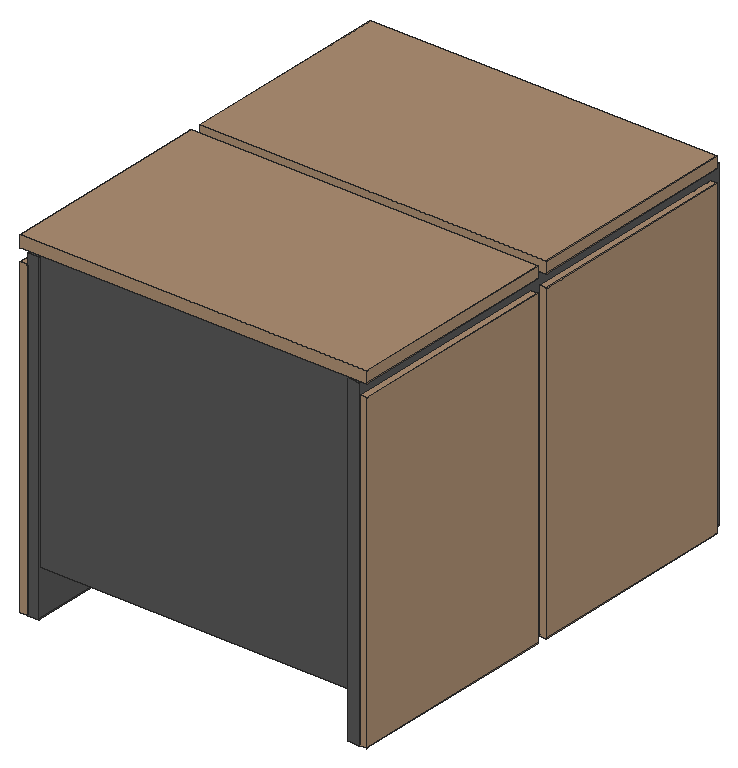
Revit family "Sanitary_Compound-Units_hansgrohe_54250XXX-Xilesa-E-Vanity-unit_480-470_2-drawers_handrise-basin", category Furniture, host Face, Revit 2022
Family settings
  Host = Face
  OmniClass Number = 23.21.19.15.33.13
  OmniClass Title = Residential Bathroom Specialty Casework
  Cut with Voids When Loaded = No
  Render Appearance Source = Family Geometry
  Shared = No
  Room Calculation Point = No
Parameters (values of type "550 Cashmere Oak")
  Version = 1  # constant formula
  URL = "https://www.hansgrohe.com/"
  Product data url = "https://www.bimobject.com/en/hansgrohe/product/54250XXX"
  Product Page URL = "https://www.hansgrohe.com/articledetail--54250550"
  Model = "54250XXX"  # constant formula
  Material 3 = Hansgrohe - Metal - Black
  Material 2 = Hansgrohe - MDF - Matt Black
  Material 1 = Hansgrohe - MDF - 550 Cashmere Oak
  Manufacturer = "Hansgrohe"  # constant formula
  Height = 0 mm
  Description = "Xilesa E Vanity unit 480/470 with 2 drawers for handrinse basin"  # constant formula
  Default Elevation = 0 mm
  Date Updated = ""
  Date Created = "2024/02/03"  # constant formula
Types (5, lengths in mm): name | Material 1
  (no name) | Hansgrohe - MDF - 550 Cashmere Oak
  550 Cashmere Oak | Hansgrohe - MDF - 550 Cashmere Oak
  700 Matt White | Hansgrohe - MDF - 700 Matt White
  760 Slate Matt Grey | Hansgrohe - MDF - 760 Slate Matt Grey
  780 Sand Matt Beige | Hansgrohe - MDF - 780 Sand Matt Beige
Reference planes
  plane 1 "Center (Front/Back)": y = 0
  plane 2: z = 0
  plane 3 "Center (Left/Right)": x = 0
  plane 4: x = -240
  plane 5: x = 240
  plane 6: y = -620
  plane 7: z = 468
Dimensions and locks
  aligned and locked: plane 2 to host face
  aligned and locked: level to host face
Nested families
  nested 1: "54250XXX" at (0, -620, 0) x (1, 0, 0) z (0, 1, 0), Material 1 <- "Material 1", Material 2 <- "Material 2", Material 3 <- "Material 3", type "54250XXX"
    with Material 3 Hansgrohe - Metal - Black, Material 2 Hansgrohe - MDF - Matt Black, Material 1 Hansgrohe - MDF - 550 Cashmere Oak
Definition of nested family "54250XXX"
  Parameters (values of type "54250XXX")
    Version = 1  # constant formula
    URL = "https://www.hansgrohe.com/"
    Product data url = "https://www.bimobject.com/en/hansgrohe/product/54250XXX"
    Product Page URL = "https://www.hansgrohe.com/articledetail--54250550"
    Model = "54250XXX"  # constant formula
    Material 3 [instance] = none
    Material 2 [instance] = none
    Material 1 [instance] = none
    Manufacturer = "Hansgrohe"  # constant formula
    Description = "Xilesa E Vanity unit 480/470 with 2 drawers for handrinse basin"  # constant formula
    Default Elevation = 1219.2 mm
    Date Updated = ""
    Date Created = "2024/12/16"  # constant formula
  Reference planes
    plane 1 "Center (Front/Back)": y = 0
    plane 2: z = 0
    plane 3 "Center (Left/Right)": x = 0
  Forms (mm)
    Extrusion 1, solid, material <- "Material 1", detail levels medium+fine
      sketch origin (0, 0, 0) x (1, 0, 0) y (0, 1, 0)
        loop
          line (-230.6, 0) -> (-239.2, 0)
          arc (-239.2, 0) -> (-239.766, -0.234) -> (-240, -0.8) r 0.8
          line (-240, -0.8) -> (-240, -433.9)
          arc (-240, -433.9) -> (-239.766, -434.466) -> (-239.2, -434.7) r 0.8
          line (-239.2, -434.7) -> (-230.6, -434.7)
          arc (-230.6, -434.7) -> (-230.034, -434.466) -> (-229.8, -433.9) r 0.8
          line (-229.8, -433.9) -> (-229.8, -0.8)
          arc (-229.8, -0.8) -> (-230.034, -0.234) -> (-230.6, 0) r 0.8
        loop
          arc (230.6, 0) -> (230.034, -0.234) -> (229.8, -0.8) r 0.8
          line (229.8, -0.8) -> (229.8, -433.9)
          arc (229.8, -433.9) -> (230.034, -434.466) -> (230.6, -434.7) r 0.8
          line (230.6, -434.7) -> (239.2, -434.7)
          arc (239.2, -434.7) -> (239.766, -434.466) -> (240, -433.9) r 0.8
          line (240, -433.9) -> (240, -0.8)
          arc (240, -0.8) -> (239.766, -0.234) -> (239.2, 0) r 0.8
          line (239.2, 0) -> (230.6, 0)
      from 0 to 295
    Extrusion 2, solid, material <- "Material 1", detail levels medium+fine
      sketch origin (0, -90, 0) x (1, 0, 0) y (0, 1, 0)
        loop
          line (-239.2, -378) -> (239.2, -378)
          arc (239.2, -378) -> (239.766, -377.766) -> (240, -377.2) r 0.8
          line (240, -377.2) -> (240, -362.5)
          arc (240, -362.5) -> (239.766, -361.934) -> (239.2, -361.7) r 0.8
          line (239.2, -361.7) -> (-239.2, -361.7)
          arc (-239.2, -361.7) -> (-239.766, -361.934) -> (-240, -362.5) r 0.8
          line (-240, -362.5) -> (-240, -377.2)
          arc (-240, -377.2) -> (-239.766, -377.766) -> (-239.2, -378) r 0.8
      from 0 to 295
    Extrusion 3, solid, material <- "Material 2", detail levels medium+fine
      sketch origin (0, 0, 0) x (1, 0, 0) y (0, 1, 0)
        loop
          line (-229.8, -0.8) -> (-229.8, -448.9)
          arc (-229.8, -448.9) -> (-229.566, -449.466) -> (-229, -449.7) r 0.8
          line (-229, -449.7) -> (-214.6, -449.7)
          arc (-214.6, -449.7) -> (-214.034, -449.466) -> (-213.8, -448.9) r 0.8
          line (-213.8, -448.9) -> (-213.8, -0.8)
          arc (-213.8, -0.8) -> (-214.034, -0.234) -> (-214.6, 0) r 0.8
          line (-214.6, 0) -> (-229, 0)
          arc (-229, 0) -> (-229.566, -0.234) -> (-229.8, -0.8) r 0.8
        loop
          arc (229.8, -0.8) -> (229.566, -0.234) -> (229, 0) r 0.8
          line (229, 0) -> (214.6, 0)
          arc (214.6, 0) -> (214.034, -0.234) -> (213.8, -0.8) r 0.8
          line (213.8, -0.8) -> (213.8, -448.9)
          arc (213.8, -448.9) -> (214.034, -449.466) -> (214.6, -449.7) r 0.8
          line (214.6, -449.7) -> (229, -449.7)
          arc (229, -449.7) -> (229.566, -449.466) -> (229.8, -448.9) r 0.8
          line (229.8, -448.9) -> (229.8, -0.8)
      from 0 to 620
    Extrusion 4, solid, material <- "Material 2", detail levels fine
      sketch origin (0, 0, 0) x (1, 0, 0) y (0, 1, 0)
        loop
          line (-213.8, -65.2) -> (-213.8, -81.2) -> (213.8, -81.2) -> (213.8, -65.2) -> (-213.8, -65.2)
      from 17 to 125
    Extrusion 5, solid, material <- "Material 2", detail levels fine
      sketch origin (0, 0, 0) x (1, 0, 0) y (0, 1, 0)
        loop
          line (-213.8, -64.7) -> (-213.8, -451.7) -> (213.8, -451.7) -> (213.8, -64.7) -> (-213.8, -64.7)
      from 1 to 17
    Extrusion 6, solid, material <- "Material 2", detail levels fine
      sketch origin (0, -90, 0) x (1, 0, 0) y (0, 1, 0)
        loop
          line (-212.3, -356.9) -> (-212.3, -329.2) -> (-213.8, -329.2) -> (-213.8, -356.9)
          arc (-213.8, -356.9) -> (-213.126, -358.527) -> (-211.5, -359.2) r 2.3
          line (-211.5, -359.2) -> (211.5, -359.2)
          arc (211.5, -359.2) -> (213.126, -358.527) -> (213.8, -356.9) r 2.3
          line (213.8, -356.9) -> (213.8, -329.2) -> (212.3, -329.2) -> (212.3, -356.9)
          arc (212.3, -356.9) -> (212.066, -357.466) -> (211.5, -357.7) r 0.8
          line (211.5, -357.7) -> (-211.5, -357.7)
          arc (-211.5, -357.7) -> (-212.066, -357.466) -> (-212.3, -356.9) r 0.8
      from 569.5 to 619.5
    Extrusion 7, solid, material <- "Material 3", detail levels fine
      sketch origin (0, 0, 1) x (1, 0, 0) y (0, 0, 1)
        loop
          line (198.3, 213.03) -> (198.3, 231.03) -> (183.3, 231.03) -> (183.3, 224.03) -> (192.95, 224.03) -> (192.95, 213.03) -> (198.3, 213.03)
      from 88.7 to 361.7
    Extrusion 8, solid, material <- "Material 3", detail levels fine
      sketch origin (0, 0, 1) x (1, 0, 0) y (0, 0, 1)
        loop
          line (200.05, 211.28) -> (200.05, 232.78) -> (181.55, 232.78) -> (181.55, 211.28) -> (200.05, 211.28)
      from 451.7 to 361.7
    Extrusion 9, solid, material <- "Material 3", detail levels fine
      sketch origin (0, 0, 1) x (1, 0, 0) y (0, 0, 1)
        loop
          line (-192.5, 223.8) -> (-192.5, 113.608) -> (-198.2, 97.947) -> (-198.2, 48) -> (-169.9, 48) -> (-169.9, 223.8) -> (-192.5, 223.8)
        loop
          line (192.5, 223.8) -> (169.9, 223.8) -> (169.9, 48) -> (198.2, 48) -> (198.2, 97.947) -> (192.5, 113.608) -> (192.5, 223.8)
      from 91.9 to 109.4
    Extrusion 10, void
      sketch origin (0, 0, 1) x (1, 0, 0) y (0, 0, 1)
        loop
          line (-191.5, 222.8) -> (-191.5, 113.431) -> (-197.2, 97.771) -> (-197.2, 49) -> (-170.9, 49) -> (-170.9, 222.8) -> (-191.5, 222.8)
        loop
          line (191.5, 222.8) -> (170.9, 222.8) -> (170.9, 49) -> (197.2, 49) -> (197.2, 97.771) -> (191.5, 113.431) -> (191.5, 222.8)
      from 91.9 to 108.7
    Extrusion 11, solid, material <- "Material 2", detail levels fine
      sketch origin (0, 0, 0) x (0, 1, 0) y (0, 0, 1)
        loop
          line (-92.7, 35.48) -> (-92.7, 114.5)
          arc (-92.7, 114.5) -> (-92.847, 114.854) -> (-93.2, 115) r 0.5
          line (-93.2, 115) -> (-108.2, 115)
          arc (-108.2, 115) -> (-108.554, 114.854) -> (-108.7, 114.5) r 0.5
          line (-108.7, 114.5) -> (-108.7, 35.48)
          arc (-108.7, 35.48) -> (-108.554, 35.126) -> (-108.2, 34.98) r 0.5
          line (-108.2, 34.98) -> (-93.2, 34.98)
          arc (-93.2, 34.98) -> (-92.847, 35.126) -> (-92.7, 35.48) r 0.5
      from -170 to 170
    Extrusion 12, solid, material <- "Material 3", detail levels fine
      sketch origin (0, 0, 1) x (-1, 0, 0) y (0, 0, -1)
        loop
          line (198.3, -213.03) -> (192.95, -213.03) -> (192.95, -224.03) -> (183.3, -224.03) -> (183.3, -231.03) -> (198.3, -231.03) -> (198.3, -213.03)
      from 88.7 to 361.7
    Extrusion 13, solid, material <- "Material 3", detail levels fine
      sketch origin (0, 0, 1) x (-1, 0, 0) y (0, 0, -1)
        loop
          line (200.05, -211.28) -> (181.55, -211.28) -> (181.55, -232.78) -> (200.05, -232.78) -> (200.05, -211.28)
      from 451.7 to 361.7
    Extrusion 14, solid, material <- "Material 1", detail levels coarse
      sketch origin (0, 0, 0) x (1, 0, 0) y (0, 1, 0)
        loop
          line (-240, -468) -> (240, -468) -> (240, 0) -> (213.8, 0) -> (213.8, -451.7) -> (-213.8, -451.7) -> (-213.8, 0) -> (-240, 0) -> (-240, -468)
      from 0 to 620
    Extrusion 15, solid, material <- "Material 1", detail levels medium+fine
      sketch origin (0, 0, 0) x (1, 0, 0) y (0, 1, 0)
        loop
          line (-230.6, 0) -> (-239.2, 0)
          arc (-239.2, 0) -> (-239.766, -0.234) -> (-240, -0.8) r 0.8
          line (-240, -0.8) -> (-240, -433.9)
          arc (-240, -433.9) -> (-239.766, -434.466) -> (-239.2, -434.7) r 0.8
          line (-239.2, -434.7) -> (-230.6, -434.7)
          arc (-230.6, -434.7) -> (-230.034, -434.466) -> (-229.8, -433.9) r 0.8
          line (-229.8, -433.9) -> (-229.8, -0.8)
          arc (-229.8, -0.8) -> (-230.034, -0.234) -> (-230.6, 0) r 0.8
        loop
          arc (230.6, 0) -> (230.034, -0.234) -> (229.8, -0.8) r 0.8
          line (229.8, -0.8) -> (229.8, -433.9)
          arc (229.8, -433.9) -> (230.034, -434.466) -> (230.6, -434.7) r 0.8
          line (230.6, -434.7) -> (239.2, -434.7)
          arc (239.2, -434.7) -> (239.766, -434.466) -> (240, -433.9) r 0.8
          line (240, -433.9) -> (240, -0.8)
          arc (240, -0.8) -> (239.766, -0.234) -> (239.2, 0) r 0.8
          line (239.2, 0) -> (230.6, 0)
      from 310 to 605
    Extrusion 16, solid, material <- "Material 1", detail levels medium+fine
      sketch origin (0, -90, 0) x (1, 0, 0) y (0, 1, 0)
        loop
          line (-239.2, -378) -> (239.2, -378)
          arc (239.2, -378) -> (239.766, -377.766) -> (240, -377.2) r 0.8
          line (240, -377.2) -> (240, -362.5)
          arc (240, -362.5) -> (239.766, -361.934) -> (239.2, -361.7) r 0.8
          line (239.2, -361.7) -> (-239.2, -361.7)
          arc (-239.2, -361.7) -> (-239.766, -361.934) -> (-240, -362.5) r 0.8
          line (-240, -362.5) -> (-240, -377.2)
          arc (-240, -377.2) -> (-239.766, -377.766) -> (-239.2, -378) r 0.8
      from 310 to 605
    Extrusion 17, solid, material <- "Material 2", detail levels fine
      sketch origin (0, 0, 311) x (1, 0, 0) y (0, 0, 1)
        loop
          line (-172.898, 33.98) -> (172.898, 33.98) -> (172.898, 48.98) -> (-172.898, 48.98) -> (-172.898, 33.98)
      from 108.736 to 451.7
    Extrusion 18, solid, material <- "Material 3", detail levels fine
      sketch origin (0, 0, 311) x (1, 0, 0) y (0, 0, 1)
        loop
          line (198.3, 213.03) -> (198.3, 231.03) -> (183.3, 231.03) -> (183.3, 224.03) -> (192.95, 224.03) -> (192.95, 213.03) -> (198.3, 213.03)
      from 88.7 to 361.7
    Extrusion 19, solid, material <- "Material 3", detail levels fine
      sketch origin (0, 0, 311) x (1, 0, 0) y (0, 0, 1)
        loop
          line (200.05, 211.28) -> (200.05, 232.78) -> (181.55, 232.78) -> (181.55, 211.28) -> (200.05, 211.28)
      from 451.7 to 361.7
    Extrusion 20, solid, material <- "Material 3", detail levels fine
      sketch origin (0, 0, 311) x (1, 0, 0) y (0, 0, 1)
        loop
          line (-192.5, 223.8) -> (-192.5, 113.608) -> (-198.2, 97.947) -> (-198.2, 48) -> (-169.9, 48) -> (-169.9, 223.8) -> (-192.5, 223.8)
        loop
          line (192.5, 223.8) -> (169.9, 223.8) -> (169.9, 48) -> (198.2, 48) -> (198.2, 97.947) -> (192.5, 113.608) -> (192.5, 223.8)
      from 91.9 to 109.4
    Extrusion 21, void
      sketch origin (0, 0, 311) x (1, 0, 0) y (0, 0, 1)
        loop
          line (-191.5, 222.8) -> (-191.5, 113.431) -> (-197.2, 97.771) -> (-197.2, 49) -> (-170.9, 49) -> (-170.9, 222.8) -> (-191.5, 222.8)
        loop
          line (191.5, 222.8) -> (170.9, 222.8) -> (170.9, 49) -> (197.2, 49) -> (197.2, 97.771) -> (191.5, 113.431) -> (191.5, 222.8)
      from 91.9 to 108.7
    Extrusion 22, solid, material <- "Material 3", detail levels fine
      sketch origin (0, 0, 311) x (-1, 0, 0) y (0, 0, -1)
        loop
          line (198.3, -213.03) -> (192.95, -213.03) -> (192.95, -224.03) -> (183.3, -224.03) -> (183.3, -231.03) -> (198.3, -231.03) -> (198.3, -213.03)
      from 88.7 to 361.7
    Extrusion 23, solid, material <- "Material 3", detail levels fine
      sketch origin (0, 0, 311) x (-1, 0, 0) y (0, 0, -1)
        loop
          line (200.05, -211.28) -> (181.55, -211.28) -> (181.55, -232.78) -> (200.05, -232.78) -> (200.05, -211.28)
      from 451.7 to 361.7
    Extrusion 24, solid, material <- "Material 2", detail levels fine
      sketch origin (0, -90, 0) x (1, 0, 0) y (0, 1, 0)
        loop
          line (-212.3, -356.9) -> (-212.3, -329.2) -> (-213.8, -329.2) -> (-213.8, -356.9)
          arc (-213.8, -356.9) -> (-213.126, -358.527) -> (-211.5, -359.2) r 2.3
          line (-211.5, -359.2) -> (211.5, -359.2)
          arc (211.5, -359.2) -> (213.126, -358.527) -> (213.8, -356.9) r 2.3
          line (213.8, -356.9) -> (213.8, -329.2) -> (212.3, -329.2) -> (212.3, -356.9)
          arc (212.3, -356.9) -> (212.066, -357.466) -> (211.5, -357.7) r 0.8
          line (211.5, -357.7) -> (-211.5, -357.7)
          arc (-211.5, -357.7) -> (-212.066, -357.466) -> (-212.3, -356.9) r 0.8
      from 277 to 327
    Extrusion 25, solid, material <- "Material 2", detail levels fine
      sketch origin (0, 0, 1) x (1, 0, 0) y (0, 0, 1)
        loop
          line (-172.898, 33.98) -> (172.898, 33.98) -> (172.898, 48.98) -> (-172.898, 48.98) -> (-172.898, 33.98)
      from 108.7 to 451.7
    Extrusion 26, solid, material <- "Material 2", detail levels fine
      sketch origin (0, 0, 310) x (0, 1, 0) y (0, 0, 1)
        loop
          line (-92.7, 35.48) -> (-92.7, 114.5)
          arc (-92.7, 114.5) -> (-92.847, 114.854) -> (-93.2, 115) r 0.5
          line (-93.2, 115) -> (-108.2, 115)
          arc (-108.2, 115) -> (-108.554, 114.854) -> (-108.7, 114.5) r 0.5
          line (-108.7, 114.5) -> (-108.7, 35.48)
          arc (-108.7, 35.48) -> (-108.554, 35.127) -> (-108.2, 34.98) r 0.5
          line (-108.2, 34.98) -> (-93.2, 34.98)
          arc (-93.2, 34.98) -> (-92.847, 35.127) -> (-92.7, 35.48) r 0.5
      from -170 to 170
    Extrusion 27, solid, material <- "Material 3", detail levels fine
      sketch origin (0, 0, 311) x (1, 0, 0) y (0, 0, 1)
        loop
          line (202.091, 33.98) -> (202.091, 115.48) -> (183.591, 115.48) -> (182.786, 100.114) -> (180.22, 99.98) -> (177.791, 53.623)
          arc (177.791, 53.623) -> (176.271, 50.325) -> (172.898, 48.98) r 4.9
          line (172.898, 48.98) -> (172.898, 33.98) -> (202.091, 33.98)
        loop
          line (-202.091, 33.98) -> (-172.898, 33.98) -> (-172.898, 48.98)
          arc (-172.898, 48.98) -> (-176.271, 50.325) -> (-177.791, 53.623) r 4.9
          line (-177.791, 53.623) -> (-180.22, 99.98) -> (-182.786, 100.114) -> (-183.591, 115.48) -> (-202.091, 115.48) -> (-202.091, 33.98)
      from 109.4 to 451.7
    Extrusion 28, solid, material <- "Material 3", detail levels fine
      sketch origin (0, 0, 1) x (1, 0, 0) y (0, 0, 1)
        loop
          line (202.091, 33.98) -> (202.091, 115.48) -> (183.591, 115.48) -> (182.786, 100.114) -> (180.22, 99.98) -> (177.791, 53.623)
          arc (177.791, 53.623) -> (176.271, 50.325) -> (172.898, 48.98) r 4.9
          line (172.898, 48.98) -> (172.898, 33.98) -> (202.091, 33.98)
        loop
          line (-202.091, 33.98) -> (-172.898, 33.98) -> (-172.898, 48.98)
          arc (-172.898, 48.98) -> (-176.271, 50.325) -> (-177.791, 53.623) r 4.9
          line (-177.791, 53.623) -> (-180.22, 99.98) -> (-182.786, 100.114) -> (-183.591, 115.48) -> (-202.091, 115.48) -> (-202.091, 33.98)
      from 109.4 to 451.7
  Cuts and joins
    Extrusion 10 cuts Extrusion 9
    Extrusion 21 cuts Extrusion 20
  Lines and regions (mm)
    Masking region 1
      outline origin (0, 0, 0) x (1, 0, 0) y (0, 1, 0)
        loop
          line (-240, -0.8) -> (-240, -433.9)
          arc (-240, -433.9) -> (-239.766, -434.466) -> (-239.2, -434.7) r 0.8
          line (-239.2, -434.7) -> (-230.6, -434.7)
          arc (-230.6, -434.7) -> (-230.034, -434.466) -> (-229.8, -433.9) r 0.8
          line (-229.8, -433.9) -> (-229.8, -451.7) -> (-239.2, -451.7)
          arc (-239.2, -451.7) -> (-239.766, -451.934) -> (-240, -452.5) r 0.8
          line (-240, -452.5) -> (-240, -467.2)
          arc (-240, -467.2) -> (-239.766, -467.766) -> (-239.2, -468) r 0.8
          line (-239.2, -468) -> (0, -468) -> (239.2, -468)
          arc (239.2, -468) -> (239.766, -467.766) -> (240, -467.2) r 0.8
          line (240, -467.2) -> (240, -452.5)
          arc (240, -452.5) -> (239.766, -451.934) -> (239.2, -451.7) r 0.8
          line (239.2, -451.7) -> (229.8, -451.7) -> (229.8, -433.9)
          arc (229.8, -433.9) -> (230.034, -434.466) -> (230.6, -434.7) r 0.8
          line (230.6, -434.7) -> (239.2, -434.7)
          arc (239.2, -434.7) -> (239.766, -434.466) -> (240, -433.9) r 0.8
          line (240, -433.9) -> (240, -0.8)
          arc (240, -0.8) -> (239.766, -0.234) -> (239.2, 0) r 0.8
          line (239.2, 0) -> (230.6, 0)
          arc (230.6, 0) -> (230.034, -0.234) -> (229.8, -0.8) r 0.8
          arc (229.8, -0.8) -> (229.566, -0.234) -> (229, 0) r 0.8
          line (229, 0) -> (214.6, 0)
          arc (214.6, 0) -> (214.034, -0.234) -> (213.8, -0.8) r 0.8
          line (213.8, -0.8) -> (213.8, -64.7) -> (0, -64.7) -> (-213.8, -64.7) -> (-213.8, -0.8)
          arc (-213.8, -0.8) -> (-214.034, -0.234) -> (-214.6, 0) r 0.8
          line (-214.6, 0) -> (-229, 0)
          arc (-229, 0) -> (-229.566, -0.234) -> (-229.8, -0.8) r 0.8
          arc (-229.8, -0.8) -> (-230.034, -0.234) -> (-230.6, 0) r 0.8
          line (-230.6, 0) -> (-239.2, 0)
          arc (-239.2, 0) -> (-239.766, -0.234) -> (-240, -0.8) r 0.8
    Masking region 2
      outline origin (0, 0, 0) x (0, 1, 0) y (0, 0, 1)
        loop
          line (-449.7, 620) -> (-449.7, 543.78) -> (-451.7, 543.78) -> (-451.7, 605) -> (-468, 605) -> (-468, 310) -> (-451.7, 310) -> (-451.7, 344.98) -> (-449.7, 344.98) -> (-449.7, 233.78) -> (-451.7, 233.78) -> (-451.7, 295) -> (-468, 295) -> (-468, 0) -> (-451.7, 0) -> (-451.7, 34.98) -> (-449.7, 34.98) -> (-449.7, 0) -> (0, 0) -> (0, 620) -> (-449.7, 620)
    Masking region 3
      outline origin (0, 0, 0) x (1, 0, 0) y (0, 0, 1)
        loop
          line (-240, 605) -> (-240, 310) -> (-229.8, 310) -> (-229.8, 295) -> (-240, 295) -> (-240, 0) -> (0, 0) -> (240, 0) -> (240, 295) -> (229.8, 295) -> (229.8, 310) -> (240, 310) -> (240, 605) -> (229.8, 605) -> (229.8, 620) -> (0, 620) -> (-229.8, 620) -> (-229.8, 605) -> (-240, 605)
    symbolic lines, detail levels medium+fine
      curve 1: line (-229.8, -451.7, 0) -> (0, -451.7, 0)
      curve 2: line (-213.8, -64.7, 0) -> (-213.8, -451.7, 0)
      curve 3: line (-229.8, -0.8, 0) -> (-229.8, -433.9, 0)
      curve 4: line (-213.8, -81.2, 0) -> (0, -81.2, 0)
      curve 25: line (229.8, -451.7, 0) -> (0, -451.7, 0)
      curve 26: line (213.8, -64.7, 0) -> (213.8, -451.7, 0)
      curve 27: line (229.8, -0.8, 0) -> (229.8, -433.9, 0)
      curve 28: line (213.8, -81.2, 0) -> (0, -81.2, 0)
      curve 49: line (0, -451.7, 33.98) -> (0, -451.7, 233.78)
      curve 50: line (0, -449.7, 543.78) -> (0, -449.7, 344.98)
      curve 53: line (0, -451.7, 212.28) -> (0, -449.7, 212.28)
      curve 54: line (0, -451.7, 116.48) -> (0, -449.7, 116.48)
      curve 55: line (-229.8, 0, 605) -> (229.8, 0, 605)
      curve 56: line (-213.8, 0, 620) -> (-213.8, 0, 605)
      curve 57: line (213.8, 0, 620) -> (213.8, 0, 605)
      curve 62: line (0, -451.7, 344.98) -> (0, -451.7, 543.78)
      curve 63: line (0, -449.7, 233.78) -> (0, -449.7, 33.98)
      curve 65: line (-229.8, 0, 310) -> (229.8, 0, 310)
      curve 66: line (229.8, 0, 295) -> (-229.8, 0, 295)
    symbolic lines, detail levels fine
      curve 5: line (-202.091, -81.2, 0) -> (-202.091, -447.7, 0)
      curve 6: line (-180.22, -81.2, 0) -> (-180.22, -91.9, 0)
      curve 7: line (0, -91.9, 0) -> (-183.3, -91.9, 0)
      curve 8: line (-183.3, -109.4, 0) -> (0, -109.4, 0)
      curve 9: line (-198.3, -88.7, 0) -> (-198.3, -361.7, 0)
      curve 10: line (-183.3, -88.7, 0) -> (-198.3, -88.7, 0)
      curve 11: line (-200.05, -361.7, 0) -> (-200.05, -447.7, 0)
      curve 12: line (-200.05, -361.7, 0) -> (-181.55, -361.7, 0)
      curve 13: line (-181.55, -361.7, 0) -> (-181.55, -447.7, 0)
      curve 14: line (0, -447.7, 0) -> (-211.5, -447.7, 0)
      curve 15: arc (-211.5, -447.7, 0) -> (-212.066, -447.466, 0) -> (-212.3, -446.9, 0) r 0.8
      curve 16: line (-212.3, -446.9, 0) -> (-212.3, -419.2, 0)
      curve 17: line (-212.3, -419.2, 0) -> (-213.8, -419.2, 0)
      curve 18: arc (-213.8, -446.9, 0) -> (-213.126, -448.527, 0) -> (-211.5, -449.2, 0) r 2.3
      curve 19: line (-211.5, -449.2, 0) -> (0, -449.2, 0)
      curve 20: line (-202.091, -449.2, 0) -> (-202.091, -451.7, 0)
      curve 21: line (-200.05, -449.2, 0) -> (-200.05, -451.7, 0)
      curve 22: line (-183.3, -361.7, 0) -> (-183.3, -88.7, 0)
      curve 23: line (-181.55, -449.2, 0) -> (-181.55, -451.7, 0)
      curve 24: line (-180.22, -449.2, 0) -> (-180.22, -451.7, 0)
      curve 29: line (202.091, -81.2, 0) -> (202.091, -447.7, 0)
      curve 30: line (180.22, -81.2, 0) -> (180.22, -91.9, 0)
      curve 31: line (0, -91.9, 0) -> (183.3, -91.9, 0)
      curve 32: line (183.3, -109.4, 0) -> (0, -109.4, 0)
      curve 33: line (198.3, -88.7, 0) -> (198.3, -361.7, 0)
      curve 34: line (183.3, -88.7, 0) -> (198.3, -88.7, 0)
      curve 35: line (200.05, -361.7, 0) -> (200.05, -447.7, 0)
      curve 36: line (200.05, -361.7, 0) -> (181.55, -361.7, 0)
      curve 37: line (181.55, -361.7, 0) -> (181.55, -447.7, 0)
      curve 38: line (0, -447.7, 0) -> (211.5, -447.7, 0)
      curve 39: arc (211.5, -447.7, 0) -> (212.066, -447.466, 0) -> (212.3, -446.9, 0) r 0.8
      curve 40: line (212.3, -446.9, 0) -> (212.3, -419.2, 0)
      curve 41: line (212.3, -419.2, 0) -> (213.8, -419.2, 0)
      curve 42: arc (213.8, -446.9, 0) -> (213.126, -448.527, 0) -> (211.5, -449.2, 0) r 2.3
      curve 43: line (211.5, -449.2, 0) -> (0, -449.2, 0)
      curve 44: line (202.091, -449.2, 0) -> (202.091, -451.7, 0)
      curve 45: line (200.05, -449.2, 0) -> (200.05, -451.7, 0)
      curve 46: line (183.3, -361.7, 0) -> (183.3, -88.7, 0)
      curve 47: line (181.55, -449.2, 0) -> (181.55, -451.7, 0)
      curve 48: line (180.22, -449.2, 0) -> (180.22, -451.7, 0)
      curve 51: line (0, 0, 605) -> (0, -434.7, 605)
      curve 52: line (0, -434.7, 605) -> (0, -434.7, 310)
      curve 58: line (0, -434.7, 310) -> (0, 0, 310)
      curve 59: line (0, 0, 295) -> (0, -434.7, 295)
      curve 60: line (0, -434.7, 295) -> (0, -434.7, 0)
      curve 61: line (0, -451.7, 522.28) -> (0, -449.7, 522.28)
      curve 64: line (0, -449.7, 426.5) -> (0, -451.7, 426.5)
      curve 67: line (180.22, -109.4, 0) -> (180.22, -447.7, 0)
      curve 68: line (-180.22, -109.4, 0) -> (-180.22, -447.7, 0)
  Dimensions and locks
    aligned and locked: level to plane 2
    aligned and locked: Extrusion 18 to Extrusion 19
